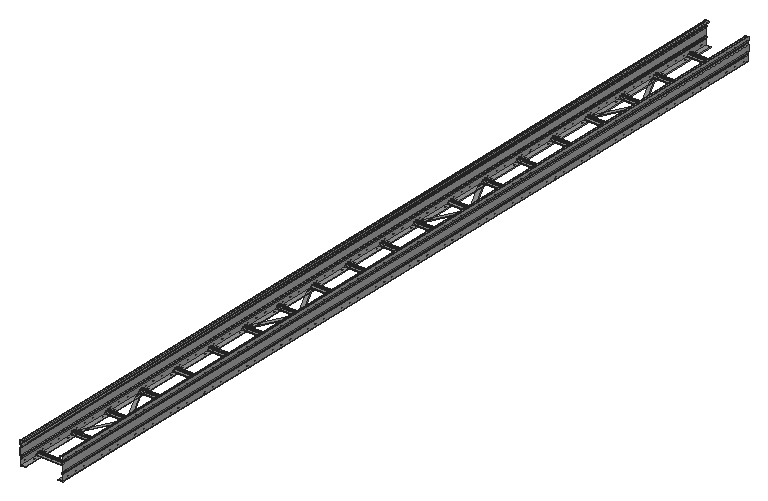
Revit family "W1630 FS, FT, FT SO, A4.28.08", category Generic Models, Revit 2017 (continued)
Forms (mm)
  Extrusion 424, solid, material "Hot-dip galvanised" <- "Material"
    sketch origin (0, 3000, 0) x (0, 1, 0) y (0, 0, 1)
      loop
        line (162.042, 21.5) -> (158.095, 21.5) -> (158.095, 20) -> (161.638, 20)
        arc (161.638, 20) -> (162.267, 19.777) -> (162.616, 19.209) r 1
        line (162.616, 19.209) -> (165.389, 6.209)
        arc (165.389, 6.209) -> (165.188, 5.371) -> (164.411, 5) r 1
        line (164.411, 5) -> (135.589, 5)
        arc (135.589, 5) -> (134.812, 5.371) -> (134.611, 6.209) r 1
        line (134.611, 6.209) -> (137.384, 19.209)
        arc (137.384, 19.209) -> (137.733, 19.777) -> (138.362, 20) r 1
        line (138.362, 20) -> (141.595, 20) -> (141.595, 21.5) -> (137.958, 21.5)
        arc (137.958, 21.5) -> (136.699, 21.055) -> (136.002, 19.917) r 2
        line (136.002, 19.917) -> (133.016, 5.917)
        arc (133.016, 5.917) -> (133.417, 4.242) -> (134.972, 3.5) r 2
    from -146.514 to 146.514
  Extrusion 425, void
    sketch origin (0, 3000, 0) x (1, 0, 0) y (0, 1, 0)
      loop
        circle (-137.5, 149.595) r 2.75
      loop
        circle (-107.5, 149.595) r 3.5
      loop
        circle (137.5, 149.595) r 2.75
      loop
        circle (107.5, 149.595) r 3.5
    from 0 to 5
  Extrusion 426, solid, material "Hot-dip galvanised" <- "Material"
    sketch origin (0, 3300, 0) x (0, 1, 0) y (0, 0, 1)
      loop
        line (134.972, 3.5) -> (165.028, 3.5)
        arc (165.028, 3.5) -> (166.583, 4.242) -> (166.984, 5.917) r 2
        line (166.984, 5.917) -> (163.998, 19.917)
        arc (163.998, 19.917) -> (163.301, 21.055) -> (162.042, 21.5) r 2
        line (162.042, 21.5) -> (158.095, 21.5) -> (158.095, 20) -> (161.638, 20)
        arc (161.638, 20) -> (162.267, 19.777) -> (162.616, 19.209) r 1
        line (162.616, 19.209) -> (165.389, 6.209)
        arc (165.389, 6.209) -> (165.188, 5.371) -> (164.411, 5) r 1
        line (164.411, 5) -> (135.589, 5)
        arc (135.589, 5) -> (134.812, 5.371) -> (134.611, 6.209) r 1
        line (134.611, 6.209) -> (137.384, 19.209)
        arc (137.384, 19.209) -> (137.733, 19.777) -> (138.362, 20) r 1
        line (138.362, 20) -> (141.595, 20) -> (141.595, 21.5) -> (137.958, 21.5)
        arc (137.958, 21.5) -> (136.699, 21.055) -> (136.002, 19.917) r 2
        line (136.002, 19.917) -> (133.016, 5.917)
        arc (133.016, 5.917) -> (133.417, 4.242) -> (134.972, 3.5) r 2
    from -146.514 to 146.514
  Extrusion 427, void
    sketch origin (0, 3300, 0) x (1, 0, 0) y (0, 1, 0)
      loop
        circle (-137.5, 149.595) r 2.75
      loop
        circle (-107.5, 149.595) r 3.5
      loop
        circle (137.5, 149.595) r 2.75
      loop
        circle (107.5, 149.595) r 3.5
    from 0 to 5
  Extrusion 428, solid, material "Hot-dip galvanised" <- "Material"
    sketch origin (0, 3600, 0) x (0, 1, 0) y (0, 0, 1)
      loop
        line (134.972, 3.5) -> (165.028, 3.5)
        arc (165.028, 3.5) -> (166.583, 4.242) -> (166.984, 5.917) r 2
        line (166.984, 5.917) -> (163.998, 19.917)
        arc (163.998, 19.917) -> (163.301, 21.055) -> (162.042, 21.5) r 2
        line (162.042, 21.5) -> (158.095, 21.5) -> (158.095, 20) -> (161.638, 20)
        arc (161.638, 20) -> (162.267, 19.777) -> (162.616, 19.209) r 1
        line (162.616, 19.209) -> (165.389, 6.209)
        arc (165.389, 6.209) -> (165.188, 5.371) -> (164.411, 5) r 1
        line (164.411, 5) -> (135.589, 5)
        arc (135.589, 5) -> (134.812, 5.371) -> (134.611, 6.209) r 1
        line (134.611, 6.209) -> (137.384, 19.209)
        arc (137.384, 19.209) -> (137.733, 19.777) -> (138.362, 20) r 1
        line (138.362, 20) -> (141.595, 20) -> (141.595, 21.5) -> (137.958, 21.5)
        arc (137.958, 21.5) -> (136.699, 21.055) -> (136.002, 19.917) r 2
        line (136.002, 19.917) -> (133.016, 5.917)
        arc (133.016, 5.917) -> (133.417, 4.242) -> (134.972, 3.5) r 2
    from -146.514 to 146.514
  Extrusion 429, void
    sketch origin (0, 3600, 0) x (1, 0, 0) y (0, 1, 0)
      loop
        circle (-137.5, 149.595) r 2.75
      loop
        circle (-107.5, 149.595) r 3.5
      loop
        circle (137.5, 149.595) r 2.75
      loop
        circle (107.5, 149.595) r 3.5
    from 0 to 5
  Extrusion 430, solid, material "Hot-dip galvanised" <- "Material"
    sketch origin (0, 3900, 0) x (0, 1, 0) y (0, 0, 1)
      loop
        line (134.972, 3.5) -> (165.028, 3.5)
        arc (165.028, 3.5) -> (166.583, 4.242) -> (166.984, 5.917) r 2
        line (166.984, 5.917) -> (163.998, 19.917)
        arc (163.998, 19.917) -> (163.301, 21.055) -> (162.042, 21.5) r 2
        line (162.042, 21.5) -> (158.095, 21.5) -> (158.095, 20) -> (161.638, 20)
        arc (161.638, 20) -> (162.267, 19.777) -> (162.616, 19.209) r 1
        line (162.616, 19.209) -> (165.389, 6.209)
        arc (165.389, 6.209) -> (165.188, 5.371) -> (164.411, 5) r 1
        line (164.411, 5) -> (135.589, 5)
        arc (135.589, 5) -> (134.812, 5.371) -> (134.611, 6.209) r 1
        line (134.611, 6.209) -> (137.384, 19.209)
        arc (137.384, 19.209) -> (137.733, 19.777) -> (138.362, 20) r 1
        line (138.362, 20) -> (141.595, 20) -> (141.595, 21.5) -> (137.958, 21.5)
        arc (137.958, 21.5) -> (136.699, 21.055) -> (136.002, 19.917) r 2
        line (136.002, 19.917) -> (133.016, 5.917)
        arc (133.016, 5.917) -> (133.417, 4.242) -> (134.972, 3.5) r 2
    from -146.514 to 146.514
  Extrusion 431, void
    sketch origin (0, 3900, 0) x (1, 0, 0) y (0, 1, 0)
      loop
        circle (-137.5, 149.595) r 2.75
      loop
        circle (-107.5, 149.595) r 3.5
      loop
        circle (137.5, 149.595) r 2.75
      loop
        circle (107.5, 149.595) r 3.5
    from 0 to 5
  Extrusion 432, solid, material "Hot-dip galvanised" <- "Material"
    sketch origin (0, 4200, 0) x (0, 1, 0) y (0, 0, 1)
      loop
        line (134.972, 3.5) -> (165.028, 3.5)
        arc (165.028, 3.5) -> (166.583, 4.242) -> (166.984, 5.917) r 2
        line (166.984, 5.917) -> (163.998, 19.917)
        arc (163.998, 19.917) -> (163.301, 21.055) -> (162.042, 21.5) r 2
        line (162.042, 21.5) -> (158.095, 21.5) -> (158.095, 20) -> (161.638, 20)
        arc (161.638, 20) -> (162.267, 19.777) -> (162.616, 19.209) r 1
        line (162.616, 19.209) -> (165.389, 6.209)
        arc (165.389, 6.209) -> (165.188, 5.371) -> (164.411, 5) r 1
        line (164.411, 5) -> (135.589, 5)
        arc (135.589, 5) -> (134.812, 5.371) -> (134.611, 6.209) r 1
        line (134.611, 6.209) -> (137.384, 19.209)
        arc (137.384, 19.209) -> (137.733, 19.777) -> (138.362, 20) r 1
        line (138.362, 20) -> (141.595, 20) -> (141.595, 21.5) -> (137.958, 21.5)
        arc (137.958, 21.5) -> (136.699, 21.055) -> (136.002, 19.917) r 2
        line (136.002, 19.917) -> (133.016, 5.917)
        arc (133.016, 5.917) -> (133.417, 4.242) -> (134.972, 3.5) r 2
    from -146.514 to 146.514
  Extrusion 433, void
    sketch origin (0, 4200, 0) x (1, 0, 0) y (0, 1, 0)
      loop
        circle (-137.5, 149.595) r 2.75
      loop
        circle (-107.5, 149.595) r 3.5
      loop
        circle (137.5, 149.595) r 2.75
      loop
        circle (107.5, 149.595) r 3.5
    from 0 to 5
  Extrusion 434, solid, material "Hot-dip galvanised" <- "Material"
    sketch origin (0, 4500, 0) x (0, 1, 0) y (0, 0, 1)
      loop
        line (134.972, 3.5) -> (165.028, 3.5)
        arc (165.028, 3.5) -> (166.583, 4.242) -> (166.984, 5.917) r 2
        line (166.984, 5.917) -> (163.998, 19.917)
        arc (163.998, 19.917) -> (163.301, 21.055) -> (162.042, 21.5) r 2
        line (162.042, 21.5) -> (158.095, 21.5) -> (158.095, 20) -> (161.638, 20)
        arc (161.638, 20) -> (162.267, 19.777) -> (162.616, 19.209) r 1
        line (162.616, 19.209) -> (165.389, 6.209)
        arc (165.389, 6.209) -> (165.188, 5.371) -> (164.411, 5) r 1
        line (164.411, 5) -> (135.589, 5)
        arc (135.589, 5) -> (134.812, 5.371) -> (134.611, 6.209) r 1
        line (134.611, 6.209) -> (137.384, 19.209)
        arc (137.384, 19.209) -> (137.733, 19.777) -> (138.362, 20) r 1
        line (138.362, 20) -> (141.595, 20) -> (141.595, 21.5) -> (137.958, 21.5)
        arc (137.958, 21.5) -> (136.699, 21.055) -> (136.002, 19.917) r 2
        line (136.002, 19.917) -> (133.016, 5.917)
        arc (133.016, 5.917) -> (133.417, 4.242) -> (134.972, 3.5) r 2
    from -146.514 to 146.514
  Extrusion 435, void
    sketch origin (0, 4500, 0) x (1, 0, 0) y (0, 1, 0)
      loop
        circle (-137.5, 149.595) r 2.75
      loop
        circle (-107.5, 149.595) r 3.5
      loop
        circle (137.5, 149.595) r 2.75
      loop
        circle (107.5, 149.595) r 3.5
    from 0 to 5
  Extrusion 436, solid, material "Hot-dip galvanised" <- "Material"
    sketch origin (0, 4800, 0) x (0, 1, 0) y (0, 0, 1)
      loop
        line (134.972, 3.5) -> (165.028, 3.5)
        arc (165.028, 3.5) -> (166.583, 4.242) -> (166.984, 5.917) r 2
        line (166.984, 5.917) -> (163.998, 19.917)
        arc (163.998, 19.917) -> (163.301, 21.055) -> (162.042, 21.5) r 2
        line (162.042, 21.5) -> (158.095, 21.5) -> (158.095, 20) -> (161.638, 20)
        arc (161.638, 20) -> (162.267, 19.777) -> (162.616, 19.209) r 1
        line (162.616, 19.209) -> (165.389, 6.209)
        arc (165.389, 6.209) -> (165.188, 5.371) -> (164.411, 5) r 1
        line (164.411, 5) -> (135.589, 5)
        arc (135.589, 5) -> (134.812, 5.371) -> (134.611, 6.209) r 1
        line (134.611, 6.209) -> (137.384, 19.209)
        arc (137.384, 19.209) -> (137.733, 19.777) -> (138.362, 20) r 1
        line (138.362, 20) -> (141.595, 20) -> (141.595, 21.5) -> (137.958, 21.5)
        arc (137.958, 21.5) -> (136.699, 21.055) -> (136.002, 19.917) r 2
        line (136.002, 19.917) -> (133.016, 5.917)
        arc (133.016, 5.917) -> (133.417, 4.242) -> (134.972, 3.5) r 2
    from -146.514 to 146.514
  Extrusion 437, void
    sketch origin (0, 4800, 0) x (1, 0, 0) y (0, 1, 0)
      loop
        circle (-137.5, 149.595) r 2.75
      loop
        circle (-107.5, 149.595) r 3.5
      loop
        circle (137.5, 149.595) r 2.75
      loop
        circle (107.5, 149.595) r 3.5
    from 0 to 5
  Extrusion 438, solid, material "Hot-dip galvanised" <- "Material"
    sketch origin (0, 5100, 0) x (0, 1, 0) y (0, 0, 1)
      loop
        line (134.972, 3.5) -> (165.028, 3.5)
        arc (165.028, 3.5) -> (166.583, 4.242) -> (166.984, 5.917) r 2
        line (166.984, 5.917) -> (163.998, 19.917)
        arc (163.998, 19.917) -> (163.301, 21.055) -> (162.042, 21.5) r 2
        line (162.042, 21.5) -> (158.095, 21.5) -> (158.095, 20) -> (161.638, 20)
        arc (161.638, 20) -> (162.267, 19.777) -> (162.616, 19.209) r 1
        line (162.616, 19.209) -> (165.389, 6.209)
        arc (165.389, 6.209) -> (165.188, 5.371) -> (164.411, 5) r 1
        line (164.411, 5) -> (135.589, 5)
        arc (135.589, 5) -> (134.812, 5.371) -> (134.611, 6.209) r 1
        line (134.611, 6.209) -> (137.384, 19.209)
        arc (137.384, 19.209) -> (137.733, 19.777) -> (138.362, 20) r 1
        line (138.362, 20) -> (141.595, 20) -> (141.595, 21.5) -> (137.958, 21.5)
        arc (137.958, 21.5) -> (136.699, 21.055) -> (136.002, 19.917) r 2
        line (136.002, 19.917) -> (133.016, 5.917)
        arc (133.016, 5.917) -> (133.417, 4.242) -> (134.972, 3.5) r 2
    from -146.514 to 146.514
  Extrusion 439, void
    sketch origin (0, 5100, 0) x (1, 0, 0) y (0, 1, 0)
      loop
        circle (-137.5, 149.595) r 2.75
      loop
        circle (-107.5, 149.595) r 3.5
      loop
        circle (137.5, 149.595) r 2.75
      loop
        circle (107.5, 149.595) r 3.5
    from 0 to 5
  Extrusion 440, solid, material "Hot-dip galvanised" <- "Material"
    sketch origin (0, 5400, 0) x (0, 1, 0) y (0, 0, 1)
      loop
        line (134.972, 3.5) -> (165.028, 3.5)
        arc (165.028, 3.5) -> (166.583, 4.242) -> (166.984, 5.917) r 2
        line (166.984, 5.917) -> (163.998, 19.917)
        arc (163.998, 19.917) -> (163.301, 21.055) -> (162.042, 21.5) r 2
        line (162.042, 21.5) -> (158.095, 21.5) -> (158.095, 20) -> (161.638, 20)
        arc (161.638, 20) -> (162.267, 19.777) -> (162.616, 19.209) r 1
        line (162.616, 19.209) -> (165.389, 6.209)
        arc (165.389, 6.209) -> (165.188, 5.371) -> (164.411, 5) r 1
        line (164.411, 5) -> (135.589, 5)
        arc (135.589, 5) -> (134.812, 5.371) -> (134.611, 6.209) r 1
        line (134.611, 6.209) -> (137.384, 19.209)
        arc (137.384, 19.209) -> (137.733, 19.777) -> (138.362, 20) r 1
        line (138.362, 20) -> (141.595, 20) -> (141.595, 21.5) -> (137.958, 21.5)
        arc (137.958, 21.5) -> (136.699, 21.055) -> (136.002, 19.917) r 2
        line (136.002, 19.917) -> (133.016, 5.917)
        arc (133.016, 5.917) -> (133.417, 4.242) -> (134.972, 3.5) r 2
    from -146.514 to 146.514
  Extrusion 441, void
    sketch origin (0, 5400, 0) x (1, 0, 0) y (0, 1, 0)
      loop
        circle (-137.5, 149.595) r 2.75
      loop
        circle (-107.5, 149.595) r 3.5
      loop
        circle (137.5, 149.595) r 2.75
      loop
        circle (107.5, 149.595) r 3.5
    from 0 to 5
  Extrusion 442, solid, material "Hot-dip galvanised" <- "Material"
    sketch origin (0, 5700, 0) x (0, 1, 0) y (0, 0, 1)
      loop
        line (134.972, 3.5) -> (165.028, 3.5)
        arc (165.028, 3.5) -> (166.583, 4.242) -> (166.984, 5.917) r 2
        line (166.984, 5.917) -> (163.998, 19.917)
        arc (163.998, 19.917) -> (163.301, 21.055) -> (162.042, 21.5) r 2
        line (162.042, 21.5) -> (158.095, 21.5) -> (158.095, 20) -> (161.638, 20)
        arc (161.638, 20) -> (162.267, 19.777) -> (162.616, 19.209) r 1
        line (162.616, 19.209) -> (165.389, 6.209)
        arc (165.389, 6.209) -> (165.188, 5.371) -> (164.411, 5) r 1
        line (164.411, 5) -> (135.589, 5)
        arc (135.589, 5) -> (134.812, 5.371) -> (134.611, 6.209) r 1
        line (134.611, 6.209) -> (137.384, 19.209)
        arc (137.384, 19.209) -> (137.733, 19.777) -> (138.362, 20) r 1
        line (138.362, 20) -> (141.595, 20) -> (141.595, 21.5) -> (137.958, 21.5)
        arc (137.958, 21.5) -> (136.699, 21.055) -> (136.002, 19.917) r 2
        line (136.002, 19.917) -> (133.016, 5.917)
        arc (133.016, 5.917) -> (133.417, 4.242) -> (134.972, 3.5) r 2
    from -146.514 to 146.514
  Extrusion 443, void
    sketch origin (0, 5700, 0) x (1, 0, 0) y (0, 1, 0)
      loop
        circle (-137.5, 149.595) r 2.75
      loop
        circle (-107.5, 149.595) r 3.5
      loop
        circle (137.5, 149.595) r 2.75
      loop
        circle (107.5, 149.595) r 3.5
    from 0 to 5
  Extrusion 444, solid, material "Hot-dip galvanised 85 µm"
    sketch origin (0, 0, 0) x (1, 0, 0) y (0, 1, 0)
      loop
        line (127.868, 490.675) -> (146.394, 509.201) -> (-119.844, 1018.681) -> (-142.001, 1007.102) -> (127.868, 490.675)
    from 1.5 to 3.5
  Extrusion 445, solid, material "Hot-dip galvanised 85 µm"
    sketch origin (0, 0, 0) x (1, 0, 0) y (0, 1, 0)
      loop
        line (-121.169, 488.366) -> (137.923, 1000.24) -> (115.618, 1011.53) -> (-141.857, 502.852) -> (-121.169, 488.366)
    from 1.5 to 3.5
  Extrusion 446, solid, material "Hot-dip galvanised 85 µm"
    sketch origin (0, 1500, 0) x (1, 0, 0) y (0, 1, 0)
      loop
        line (127.868, 490.675) -> (146.394, 509.201) -> (-119.844, 1018.681) -> (-142.001, 1007.102) -> (127.868, 490.675)
    from 1.5 to 3.5
  Extrusion 447, solid, material "Hot-dip galvanised 85 µm"
    sketch origin (0, 3000, 0) x (1, 0, 0) y (0, 1, 0)
      loop
        line (127.868, 490.675) -> (146.394, 509.201) -> (-119.844, 1018.681) -> (-142.001, 1007.102) -> (127.868, 490.675)
    from 1.5 to 3.5
  Extrusion 448, solid, material "Hot-dip galvanised 85 µm"
    sketch origin (0, 4500, 0) x (1, 0, 0) y (0, 1, 0)
      loop
        line (127.868, 490.675) -> (146.394, 509.201) -> (-119.844, 1018.681) -> (-142.001, 1007.102) -> (127.868, 490.675)
    from 1.5 to 3.5
  Extrusion 449, solid, material "Hot-dip galvanised 85 µm"
    sketch origin (0, 1500, 0) x (1, 0, 0) y (0, 1, 0)
      loop
        line (-121.169, 488.366) -> (137.923, 1000.24) -> (115.618, 1011.53) -> (-141.857, 502.852) -> (-121.169, 488.366)
    from 1.5 to 3.5
  Extrusion 450, solid, material "Hot-dip galvanised 85 µm"
    sketch origin (0, 3000, 0) x (1, 0, 0) y (0, 1, 0)
      loop
        line (-121.169, 488.366) -> (137.923, 1000.24) -> (115.618, 1011.53) -> (-141.857, 502.852) -> (-121.169, 488.366)
    from 1.5 to 3.5
  Extrusion 451, solid, material "Hot-dip galvanised 85 µm"
    sketch origin (0, 4500, 0) x (1, 0, 0) y (0, 1, 0)
      loop
        line (-121.169, 488.366) -> (137.923, 1000.24) -> (115.618, 1011.53) -> (-141.857, 502.852) -> (-121.169, 488.366)
    from 1.5 to 3.5
Cuts and joins
  Extrusion 3, Extrusion 4, Extrusion 5, Extrusion 6, Extrusion 7, Extrusion 8, Extrusion 9, Extrusion 10, Extrusion 11, Extrusion 12, Extrusion 13, Extrusion 14, Extrusion 15, Extrusion 16, Extrusion 17, Extrusion 18, Extrusion 19, Extrusion 20, Extrusion 21, Extrusion 22, Extrusion 23, Extrusion 24, Extrusion 25, Extrusion 26, Extrusion 27, Extrusion 28, Extrusion 29, Extrusion 30, Extrusion 31, Extrusion 32, Extrusion 33, Extrusion 34, Extrusion 35, Extrusion 36, Extrusion 37, Extrusion 38, Extrusion 39, Extrusion 40, Extrusion 41, Extrusion 42, Extrusion 43, Extrusion 44, Extrusion 45, Extrusion 46, Extrusion 47, Extrusion 48, Extrusion 49, Extrusion 50, Extrusion 51, Extrusion 52, Extrusion 53, Extrusion 54, Extrusion 55, Extrusion 56, Extrusion 57, Extrusion 58, Extrusion 59, Extrusion 60, Extrusion 61, Extrusion 62, Extrusion 63, Extrusion 64, Extrusion 65, Extrusion 66, Extrusion 67, Extrusion 68, Extrusion 69, Extrusion 70, Extrusion 71, Extrusion 72, Extrusion 73, Extrusion 74, Extrusion 75, Extrusion 76, Extrusion 77, Extrusion 78, Extrusion 79, Extrusion 80, Extrusion 81, Extrusion 82, Extrusion 83, Extrusion 84, Extrusion 85, Extrusion 86, Extrusion 87, Extrusion 88, Extrusion 89, Extrusion 90, Extrusion 91, Extrusion 92, Extrusion 93, Extrusion 94, Extrusion 95, Extrusion 96, Extrusion 97, Extrusion 98, Extrusion 99, Extrusion 100, Extrusion 101, Extrusion 102, Extrusion 103, Extrusion 104, Extrusion 105, Extrusion 106, Extrusion 107, Extrusion 108, Extrusion 109, Extrusion 110, Extrusion 111, Extrusion 112, Extrusion 113, Extrusion 114, Extrusion 115, Extrusion 116, Extrusion 117, Extrusion 118, Extrusion 119, Extrusion 120, Extrusion 121, Extrusion 122, Extrusion 123, Extrusion 124, Extrusion 125, Extrusion 126, Extrusion 127, Extrusion 128, Extrusion 129, Extrusion 130, Extrusion 131, Extrusion 132, Extrusion 133, Extrusion 134, Extrusion 135, Extrusion 136, Extrusion 137, Extrusion 138, Extrusion 139, Extrusion 140, Extrusion 141, Extrusion 142, Extrusion 143, Extrusion 144, Extrusion 145, Extrusion 146, Extrusion 147, Extrusion 148, Extrusion 149, Extrusion 150, Extrusion 151, Extrusion 152, Extrusion 153, Extrusion 154, Extrusion 155, Extrusion 156, Extrusion 157, Extrusion 158, Extrusion 159, Extrusion 160, Extrusion 161, Extrusion 162, Extrusion 163, Extrusion 243, Extrusion 364, Extrusion 365, Extrusion 366, Extrusion 367, Extrusion 368, Extrusion 369, Extrusion 370, Extrusion 371, Extrusion 372, Extrusion 373, Extrusion 374, Extrusion 375, Extrusion 376, Extrusion 377, Extrusion 378, Extrusion 379, Extrusion 380, Extrusion 381, Extrusion 382, Extrusion 383, Extrusion 384, Extrusion 385, Extrusion 386, Extrusion 387, Extrusion 388, Extrusion 389, Extrusion 390, Extrusion 391, Extrusion 392, Extrusion 393, Extrusion 394, Extrusion 395, Extrusion 396, Extrusion 397, Extrusion 398, Extrusion 399, Extrusion 400, Extrusion 401, Extrusion 402, Extrusion 403, Extrusion 404, Extrusion 407, Extrusion 409, Extrusion 411, Extrusion 413, Extrusion 415, Extrusion 417, Extrusion 419, Extrusion 421, Extrusion 423, Extrusion 425, Extrusion 427, Extrusion 429, Extrusion 431, Extrusion 433, Extrusion 435, Extrusion 437, Extrusion 439, Extrusion 441, Extrusion 443 cuts Extrusion 1
  Extrusion 163, Extrusion 164, Extrusion 165, Extrusion 166, Extrusion 167, Extrusion 168, Extrusion 169, Extrusion 170, Extrusion 171, Extrusion 172, Extrusion 173, Extrusion 174, Extrusion 175, Extrusion 176, Extrusion 177, Extrusion 178, Extrusion 179, Extrusion 180, Extrusion 181, Extrusion 182, Extrusion 183, Extrusion 184, Extrusion 185, Extrusion 186, Extrusion 187, Extrusion 188, Extrusion 189, Extrusion 190, Extrusion 191, Extrusion 192, Extrusion 193, Extrusion 194, Extrusion 195, Extrusion 196, Extrusion 197, Extrusion 198, Extrusion 199, Extrusion 200, Extrusion 201, Extrusion 202, Extrusion 203, Extrusion 204, Extrusion 205, Extrusion 206, Extrusion 207, Extrusion 208, Extrusion 209, Extrusion 210, Extrusion 211, Extrusion 212, Extrusion 213, Extrusion 214, Extrusion 215, Extrusion 216, Extrusion 217, Extrusion 218, Extrusion 219, Extrusion 220, Extrusion 221, Extrusion 222, Extrusion 223, Extrusion 224, Extrusion 225, Extrusion 226, Extrusion 227, Extrusion 228, Extrusion 229, Extrusion 230, Extrusion 231, Extrusion 232, Extrusion 233, Extrusion 234, Extrusion 235, Extrusion 236, Extrusion 237, Extrusion 238, Extrusion 239, Extrusion 240, Extrusion 241, Extrusion 242, Extrusion 243, Extrusion 244, Extrusion 245, Extrusion 246, Extrusion 247, Extrusion 248, Extrusion 249, Extrusion 250, Extrusion 251, Extrusion 252, Extrusion 253, Extrusion 254, Extrusion 255, Extrusion 256, Extrusion 257, Extrusion 258, Extrusion 259, Extrusion 260, Extrusion 261, Extrusion 262, Extrusion 263, Extrusion 264, Extrusion 265, Extrusion 266, Extrusion 267, Extrusion 268, Extrusion 269, Extrusion 270, Extrusion 271, Extrusion 272, Extrusion 273, Extrusion 274, Extrusion 275, Extrusion 276, Extrusion 277, Extrusion 278, Extrusion 279, Extrusion 280, Extrusion 281, Extrusion 282, Extrusion 283, Extrusion 284, Extrusion 285, Extrusion 286, Extrusion 287, Extrusion 288, Extrusion 289, Extrusion 290, Extrusion 291, Extrusion 292, Extrusion 293, Extrusion 294, Extrusion 295, Extrusion 296, Extrusion 297, Extrusion 298, Extrusion 299, Extrusion 300, Extrusion 301, Extrusion 302, Extrusion 303, Extrusion 304, Extrusion 305, Extrusion 306, Extrusion 307, Extrusion 308, Extrusion 309, Extrusion 310, Extrusion 311, Extrusion 312, Extrusion 313, Extrusion 314, Extrusion 315, Extrusion 316, Extrusion 317, Extrusion 318, Extrusion 319, Extrusion 320, Extrusion 321, Extrusion 322, Extrusion 324, Extrusion 325, Extrusion 326, Extrusion 327, Extrusion 328, Extrusion 329, Extrusion 330, Extrusion 331, Extrusion 332, Extrusion 333, Extrusion 334, Extrusion 335, Extrusion 336, Extrusion 337, Extrusion 338, Extrusion 339, Extrusion 340, Extrusion 341, Extrusion 342, Extrusion 343, Extrusion 344, Extrusion 345, Extrusion 346, Extrusion 347, Extrusion 348, Extrusion 349, Extrusion 350, Extrusion 351, Extrusion 352, Extrusion 353, Extrusion 354, Extrusion 355, Extrusion 356, Extrusion 357, Extrusion 358, Extrusion 359, Extrusion 360, Extrusion 361, Extrusion 362, Extrusion 363, Extrusion 404, Extrusion 407, Extrusion 409, Extrusion 411, Extrusion 413, Extrusion 415, Extrusion 417, Extrusion 419, Extrusion 421, Extrusion 423, Extrusion 425, Extrusion 427, Extrusion 429, Extrusion 431, Extrusion 433, Extrusion 435, Extrusion 437, Extrusion 439, Extrusion 441, Extrusion 443 cuts Extrusion 2
  Extrusion 404, Extrusion 407 cuts Extrusion 323
  Extrusion 407 cuts Extrusion 406
  Extrusion 409 cuts Extrusion 408
  Extrusion 411 cuts Extrusion 410
  Extrusion 413 cuts Extrusion 412
  Extrusion 415 cuts Extrusion 414
  Extrusion 417 cuts Extrusion 416
  Extrusion 419 cuts Extrusion 418
  Extrusion 421 cuts Extrusion 420
  Extrusion 423 cuts Extrusion 422
  Extrusion 425 cuts Extrusion 424
  Extrusion 427 cuts Extrusion 426
  Extrusion 429 cuts Extrusion 428
  Extrusion 431 cuts Extrusion 430
  Extrusion 433 cuts Extrusion 432
  Extrusion 435 cuts Extrusion 434
  Extrusion 437 cuts Extrusion 436
  Extrusion 439 cuts Extrusion 438
  Extrusion 441 cuts Extrusion 440
  Extrusion 443 cuts Extrusion 442
Dimensions and locks
  locked: Extrusion 1 sketch curve to plane 4 at 38
  locked: plane 4 to plane 5 at 70
  locked: Extrusion 1 sketch curve to Extrusion 1 sketch curve at 10
  locked: Extrusion 1 sketch curve to Extrusion 1 sketch curve at 20
  plane 5 to level = 52 mm
  locked: Extrusion 1 sketch curve to Extrusion 1 sketch curve at 2  (x2)
  locked: Extrusion 2 sketch curve to plane 7 at 38
  locked: plane 7 to plane 8 at 70
  locked: Extrusion 2 sketch curve to Extrusion 2 sketch curve at 10
  locked: Extrusion 2 sketch curve to Extrusion 2 sketch curve at 20
  locked: Extrusion 2 sketch curve to Extrusion 2 sketch curve at 2  (x2)
  locked: Extrusion 2 to Extrusion 2 at 2  (x3)
  locked: Extrusion 1 to Extrusion 2 at 300
  "Width/2": Extrusion 1 to plane 3 "Center (Left/Right)"
  locked: Extrusion 1 to Extrusion 1 at 2  (x4)
  "Length": Extrusion 2 to Extrusion 2
  "Length": Extrusion 1 to Extrusion 1
  locked: Extrusion 1 to plane 10 at 20
  locked: Extrusion 3 sketch curve to Extrusion 3 sketch curve at 25
  locked: Extrusion 3 sketch curve to Extrusion 3 sketch curve at 9
  locked: plane 12 to plane 10 at 120
  locked: cut or joined group of Extrusion 1, Extrusion 3, Extrusion 4, Extrusion 5, Extrusion 6, Extrusion 7, Extrusion 8, Extrusion 9, Extrusion 10, Extrusion 11, Extrusion 12, Extrusion 13, Extrusion 14, Extrusion 15, Extrusion 16, Extrusion 17, Extrusion 18, Extrusion 19, Extrusion 20, Extrusion 21, Extrusion 22, Extrusion 23, Extrusion 24, Extrusion 25, Extrusion 26, Extrusion 27, Extrusion 28, Extrusion 29, Extrusion 30, Extrusion 31, Extrusion 32, Extrusion 33, Extrusion 34, Extrusion 35, Extrusion 36, Extrusion 37, Extrusion 38, Extrusion 39, Extrusion 40, Extrusion 41, Extrusion 42, Extrusion 43, Extrusion 44, Extrusion 45, Extrusion 46, Extrusion 47, Extrusion 48, Extrusion 49, Extrusion 50, Extrusion 51, Extrusion 52, Extrusion 53, Extrusion 54, Extrusion 55, Extrusion 56, Extrusion 57, Extrusion 58, Extrusion 59, Extrusion 60, Extrusion 61, Extrusion 62, Extrusion 63, Extrusion 64, Extrusion 65, Extrusion 66, Extrusion 67, Extrusion 68, Extrusion 69, Extrusion 70, Extrusion 71, Extrusion 72, Extrusion 73, Extrusion 74, Extrusion 75, Extrusion 76, Extrusion 77, Extrusion 78, Extrusion 79, Extrusion 80, Extrusion 81, Extrusion 82, Extrusion 83, Extrusion 84, Extrusion 85, Extrusion 86, Extrusion 87, Extrusion 88, Extrusion 89, Extrusion 90, Extrusion 91, Extrusion 92, Extrusion 93, Extrusion 94, Extrusion 95, Extrusion 96, Extrusion 97, Extrusion 98, Extrusion 99, Extrusion 100, Extrusion 101, Extrusion 102, Extrusion 103, Extrusion 104, Extrusion 105, Extrusion 106, Extrusion 107, Extrusion 108, Extrusion 109, Extrusion 110, Extrusion 111, Extrusion 112, Extrusion 113, Extrusion 114, Extrusion 115, Extrusion 116, Extrusion 117, Extrusion 118, Extrusion 119, Extrusion 120, Extrusion 121, Extrusion 122, Extrusion 123, Extrusion 124, Extrusion 125, Extrusion 126, Extrusion 127, Extrusion 128, Extrusion 129, Extrusion 130, Extrusion 131, Extrusion 132, Extrusion 133, Extrusion 134, Extrusion 135, Extrusion 136, Extrusion 137, Extrusion 138, Extrusion 139, Extrusion 140, Extrusion 141, Extrusion 142, Extrusion 143, Extrusion 144, Extrusion 145, Extrusion 146, Extrusion 147, Extrusion 148, Extrusion 149, Extrusion 150, Extrusion 151, Extrusion 152, Extrusion 153, Extrusion 154, Extrusion 155, Extrusion 156, Extrusion 157, Extrusion 158, Extrusion 159, Extrusion 160, Extrusion 161, Extrusion 162, Extrusion 163, Extrusion 243, Extrusion 364, Extrusion 365, Extrusion 366, Extrusion 367, Extrusion 368, Extrusion 369, Extrusion 370, Extrusion 371, Extrusion 372, Extrusion 373, Extrusion 374, Extrusion 375, Extrusion 376, Extrusion 377, Extrusion 378, Extrusion 379, Extrusion 380, Extrusion 381, Extrusion 382, Extrusion 383, Extrusion 384, Extrusion 385, Extrusion 386, Extrusion 387, Extrusion 388, Extrusion 389, Extrusion 390, Extrusion 391, Extrusion 392, Extrusion 393, Extrusion 394, Extrusion 395, Extrusion 396, Extrusion 397, Extrusion 398, Extrusion 399, Extrusion 400, Extrusion 401, Extrusion 402, Extrusion 403, Extrusion 404, Extrusion 407, Extrusion 409, Extrusion 411, Extrusion 413, Extrusion 415, Extrusion 417, Extrusion 419, Extrusion 421, Extrusion 423, Extrusion 425, Extrusion 427, Extrusion 429, Extrusion 431, Extrusion 433, Extrusion 435, Extrusion 437, Extrusion 439, Extrusion 441, Extrusion 443 to plane 13 at 37.5
  locked: Extrusion 4 sketch curve to Extrusion 4 sketch curve at 9
  locked: Extrusion 4 sketch curve to Extrusion 4 sketch curve at 25
  Extrusion 4 sketch curve to plane 14 = 24.457 mm
  locked: Extrusion 5 sketch curve to Extrusion 5 sketch curve at 25
  locked: Extrusion 5 sketch curve to Extrusion 5 sketch curve at 9
  locked: Extrusion 6 sketch curve to Extrusion 6 sketch curve at 9
  locked: Extrusion 6 sketch curve to Extrusion 6 sketch curve at 25
  Extrusion 6 sketch curve to plane 16 = 24.457 mm
  locked: Extrusion 7 sketch curve to Extrusion 7 sketch curve at 25
  locked: Extrusion 7 sketch curve to Extrusion 7 sketch curve at 9
  locked: Extrusion 8 sketch curve to Extrusion 8 sketch curve at 9
  locked: Extrusion 8 sketch curve to Extrusion 8 sketch curve at 25
  Extrusion 8 sketch curve to plane 18 = 24.457 mm
  locked: Extrusion 9 sketch curve to Extrusion 9 sketch curve at 25
  locked: Extrusion 9 sketch curve to Extrusion 9 sketch curve at 9
  locked: Extrusion 10 sketch curve to Extrusion 10 sketch curve at 9
  locked: Extrusion 10 sketch curve to Extrusion 10 sketch curve at 25
  Extrusion 10 sketch curve to plane 20 = 24.457 mm
  locked: Extrusion 11 sketch curve to Extrusion 11 sketch curve at 25
  locked: Extrusion 11 sketch curve to Extrusion 11 sketch curve at 9
  locked: Extrusion 12 sketch curve to Extrusion 12 sketch curve at 9
  locked: Extrusion 12 sketch curve to Extrusion 12 sketch curve at 25
  Extrusion 12 sketch curve to plane 22 = 24.457 mm
  locked: Extrusion 13 sketch curve to Extrusion 13 sketch curve at 25
  locked: Extrusion 13 sketch curve to Extrusion 13 sketch curve at 9
  locked: Extrusion 14 sketch curve to Extrusion 14 sketch curve at 9
  locked: Extrusion 14 sketch curve to Extrusion 14 sketch curve at 25
  Extrusion 14 sketch curve to plane 24 = 24.457 mm
  locked: Extrusion 15 sketch curve to Extrusion 15 sketch curve at 25
  locked: Extrusion 15 sketch curve to Extrusion 15 sketch curve at 9
  locked: Extrusion 16 sketch curve to Extrusion 16 sketch curve at 9
  locked: Extrusion 16 sketch curve to Extrusion 16 sketch curve at 25
  Extrusion 16 sketch curve to plane 26 = 24.457 mm
  locked: Extrusion 17 sketch curve to Extrusion 17 sketch curve at 25
  locked: Extrusion 17 sketch curve to Extrusion 17 sketch curve at 9
  locked: Extrusion 18 sketch curve to Extrusion 18 sketch curve at 9
  locked: Extrusion 18 sketch curve to Extrusion 18 sketch curve at 25
  Extrusion 18 sketch curve to plane 28 = 24.457 mm
  locked: Extrusion 19 sketch curve to Extrusion 19 sketch curve at 25
  locked: Extrusion 19 sketch curve to Extrusion 19 sketch curve at 9
  locked: Extrusion 20 sketch curve to Extrusion 20 sketch curve at 9
  locked: Extrusion 20 sketch curve to Extrusion 20 sketch curve at 25
  Extrusion 20 sketch curve to plane 30 = 24.457 mm
  locked: Extrusion 21 sketch curve to Extrusion 21 sketch curve at 25
  locked: Extrusion 21 sketch curve to Extrusion 21 sketch curve at 9
  locked: Extrusion 22 sketch curve to Extrusion 22 sketch curve at 9
  locked: Extrusion 22 sketch curve to Extrusion 22 sketch curve at 25
  Extrusion 22 sketch curve to plane 32 = 24.457 mm
  locked: Extrusion 23 sketch curve to Extrusion 23 sketch curve at 25
  locked: Extrusion 23 sketch curve to Extrusion 23 sketch curve at 9
  locked: Extrusion 24 sketch curve to Extrusion 24 sketch curve at 9
  locked: Extrusion 24 sketch curve to Extrusion 24 sketch curve at 25
  Extrusion 24 sketch curve to plane 34 = 24.457 mm
  locked: Extrusion 25 sketch curve to Extrusion 25 sketch curve at 25
  locked: Extrusion 25 sketch curve to Extrusion 25 sketch curve at 9
  locked: Extrusion 26 sketch curve to Extrusion 26 sketch curve at 9
  locked: Extrusion 26 sketch curve to Extrusion 26 sketch curve at 25
  Extrusion 26 sketch curve to plane 36 = 24.457 mm
  locked: Extrusion 27 sketch curve to Extrusion 27 sketch curve at 25
  locked: Extrusion 27 sketch curve to Extrusion 27 sketch curve at 9
  locked: Extrusion 28 sketch curve to Extrusion 28 sketch curve at 9
  locked: Extrusion 28 sketch curve to Extrusion 28 sketch curve at 25
  Extrusion 28 sketch curve to plane 38 = 24.457 mm
  locked: Extrusion 29 sketch curve to Extrusion 29 sketch curve at 25
  locked: Extrusion 29 sketch curve to Extrusion 29 sketch curve at 9
  locked: Extrusion 30 sketch curve to Extrusion 30 sketch curve at 9
  locked: Extrusion 30 sketch curve to Extrusion 30 sketch curve at 25
  Extrusion 30 sketch curve to plane 40 = 24.457 mm
  locked: Extrusion 31 sketch curve to Extrusion 31 sketch curve at 25
  locked: Extrusion 31 sketch curve to Extrusion 31 sketch curve at 9
  locked: Extrusion 32 sketch curve to Extrusion 32 sketch curve at 9
  locked: Extrusion 32 sketch curve to Extrusion 32 sketch curve at 25
  Extrusion 32 sketch curve to plane 42 = 24.457 mm
  locked: Extrusion 33 sketch curve to Extrusion 33 sketch curve at 25
  locked: Extrusion 33 sketch curve to Extrusion 33 sketch curve at 9
  locked: Extrusion 34 sketch curve to Extrusion 34 sketch curve at 9
  locked: Extrusion 34 sketch curve to Extrusion 34 sketch curve at 25
  Extrusion 34 sketch curve to plane 44 = 24.457 mm
  locked: Extrusion 35 sketch curve to Extrusion 35 sketch curve at 25
  locked: Extrusion 35 sketch curve to Extrusion 35 sketch curve at 9
  locked: Extrusion 36 sketch curve to Extrusion 36 sketch curve at 9
  locked: Extrusion 36 sketch curve to Extrusion 36 sketch curve at 25
  Extrusion 36 sketch curve to plane 46 = 24.457 mm
  locked: Extrusion 37 sketch curve to Extrusion 37 sketch curve at 25
  locked: Extrusion 37 sketch curve to Extrusion 37 sketch curve at 9
  locked: Extrusion 38 sketch curve to Extrusion 38 sketch curve at 9
  locked: Extrusion 38 sketch curve to Extrusion 38 sketch curve at 25
  Extrusion 38 sketch curve to plane 48 = 24.457 mm
  locked: Extrusion 39 sketch curve to Extrusion 39 sketch curve at 25
  locked: Extrusion 39 sketch curve to Extrusion 39 sketch curve at 9
  locked: Extrusion 40 sketch curve to Extrusion 40 sketch curve at 9
  locked: Extrusion 40 sketch curve to Extrusion 40 sketch curve at 25
  Extrusion 40 sketch curve to plane 50 = 24.457 mm
  locked: Extrusion 41 sketch curve to Extrusion 41 sketch curve at 25
  locked: Extrusion 41 sketch curve to Extrusion 41 sketch curve at 9
  locked: Extrusion 42 sketch curve to Extrusion 42 sketch curve at 9
  locked: Extrusion 42 sketch curve to Extrusion 42 sketch curve at 25
  Extrusion 42 sketch curve to plane 52 = 24.457 mm
  locked: Extrusion 43 sketch curve to Extrusion 43 sketch curve at 25
  locked: Extrusion 43 sketch curve to Extrusion 43 sketch curve at 9
  locked: Extrusion 44 sketch curve to Extrusion 44 sketch curve at 9
  locked: Extrusion 44 sketch curve to Extrusion 44 sketch curve at 25
  Extrusion 44 sketch curve to plane 54 = 24.457 mm
  locked: Extrusion 45 sketch curve to Extrusion 45 sketch curve at 25
  locked: Extrusion 45 sketch curve to Extrusion 45 sketch curve at 9
  locked: Extrusion 46 sketch curve to Extrusion 46 sketch curve at 9
  locked: Extrusion 46 sketch curve to Extrusion 46 sketch curve at 25
  Extrusion 46 sketch curve to plane 56 = 24.457 mm
  locked: Extrusion 47 sketch curve to Extrusion 47 sketch curve at 25
  locked: Extrusion 47 sketch curve to Extrusion 47 sketch curve at 9
  locked: Extrusion 48 sketch curve to Extrusion 48 sketch curve at 9
  locked: Extrusion 48 sketch curve to Extrusion 48 sketch curve at 25
  Extrusion 48 sketch curve to plane 58 = 24.457 mm
  locked: Extrusion 49 sketch curve to Extrusion 49 sketch curve at 25
  locked: Extrusion 49 sketch curve to Extrusion 49 sketch curve at 9
  locked: Extrusion 50 sketch curve to Extrusion 50 sketch curve at 9
  locked: Extrusion 50 sketch curve to Extrusion 50 sketch curve at 25
  Extrusion 50 sketch curve to plane 60 = 24.457 mm
  locked: Extrusion 51 sketch curve to Extrusion 51 sketch curve at 25
  locked: Extrusion 51 sketch curve to Extrusion 51 sketch curve at 9
  locked: Extrusion 52 sketch curve to Extrusion 52 sketch curve at 9
  locked: Extrusion 52 sketch curve to Extrusion 52 sketch curve at 25
  Extrusion 52 sketch curve to plane 62 = 24.457 mm
  locked: Extrusion 53 sketch curve to Extrusion 53 sketch curve at 25
  locked: Extrusion 53 sketch curve to Extrusion 53 sketch curve at 9
  locked: Extrusion 54 sketch curve to Extrusion 54 sketch curve at 9
  locked: Extrusion 54 sketch curve to Extrusion 54 sketch curve at 25
  Extrusion 54 sketch curve to plane 64 = 24.457 mm
  locked: Extrusion 55 sketch curve to Extrusion 55 sketch curve at 25
  locked: Extrusion 55 sketch curve to Extrusion 55 sketch curve at 9
  locked: Extrusion 56 sketch curve to Extrusion 56 sketch curve at 9
  locked: Extrusion 56 sketch curve to Extrusion 56 sketch curve at 25
  Extrusion 56 sketch curve to plane 66 = 24.457 mm
  locked: Extrusion 57 sketch curve to Extrusion 57 sketch curve at 25
  locked: Extrusion 57 sketch curve to Extrusion 57 sketch curve at 9
  locked: Extrusion 58 sketch curve to Extrusion 58 sketch curve at 9
  locked: Extrusion 58 sketch curve to Extrusion 58 sketch curve at 25
  Extrusion 58 sketch curve to plane 68 = 24.457 mm
  locked: Extrusion 59 sketch curve to Extrusion 59 sketch curve at 25
  locked: Extrusion 59 sketch curve to Extrusion 59 sketch curve at 9
  locked: Extrusion 60 sketch curve to Extrusion 60 sketch curve at 9
  locked: Extrusion 60 sketch curve to Extrusion 60 sketch curve at 25
  Extrusion 60 sketch curve to plane 70 = 24.457 mm
  locked: Extrusion 61 sketch curve to Extrusion 61 sketch curve at 25
  locked: Extrusion 61 sketch curve to Extrusion 61 sketch curve at 9
  locked: Extrusion 62 sketch curve to Extrusion 62 sketch curve at 9
  locked: Extrusion 62 sketch curve to Extrusion 62 sketch curve at 25
  Extrusion 62 sketch curve to plane 72 = 24.457 mm
  locked: Extrusion 63 sketch curve to Extrusion 63 sketch curve at 25
  locked: Extrusion 63 sketch curve to Extrusion 63 sketch curve at 9
  locked: Extrusion 64 sketch curve to Extrusion 64 sketch curve at 9
  locked: Extrusion 64 sketch curve to Extrusion 64 sketch curve at 25
  Extrusion 64 sketch curve to plane 74 = 24.457 mm
  locked: Extrusion 65 sketch curve to Extrusion 65 sketch curve at 25
  locked: Extrusion 65 sketch curve to Extrusion 65 sketch curve at 9
  locked: Extrusion 66 sketch curve to Extrusion 66 sketch curve at 9
  locked: Extrusion 66 sketch curve to Extrusion 66 sketch curve at 25
  Extrusion 66 sketch curve to plane 76 = 24.457 mm
  locked: Extrusion 67 sketch curve to Extrusion 67 sketch curve at 25
  locked: Extrusion 67 sketch curve to Extrusion 67 sketch curve at 9
  locked: Extrusion 68 sketch curve to Extrusion 68 sketch curve at 9
  locked: Extrusion 68 sketch curve to Extrusion 68 sketch curve at 25
  Extrusion 68 sketch curve to plane 78 = 24.457 mm
  locked: Extrusion 69 sketch curve to Extrusion 69 sketch curve at 25
  locked: Extrusion 69 sketch curve to Extrusion 69 sketch curve at 9
  locked: Extrusion 70 sketch curve to Extrusion 70 sketch curve at 9
  locked: Extrusion 70 sketch curve to Extrusion 70 sketch curve at 25
  Extrusion 70 sketch curve to plane 80 = 24.457 mm
  locked: Extrusion 71 sketch curve to Extrusion 71 sketch curve at 25
  locked: Extrusion 71 sketch curve to Extrusion 71 sketch curve at 9
  locked: Extrusion 72 sketch curve to Extrusion 72 sketch curve at 9
  locked: Extrusion 72 sketch curve to Extrusion 72 sketch curve at 25
  Extrusion 72 sketch curve to plane 82 = 24.457 mm
  locked: Extrusion 73 sketch curve to Extrusion 73 sketch curve at 25
  locked: Extrusion 73 sketch curve to Extrusion 73 sketch curve at 9
  locked: Extrusion 74 sketch curve to Extrusion 74 sketch curve at 9
  locked: Extrusion 74 sketch curve to Extrusion 74 sketch curve at 25
  Extrusion 74 sketch curve to plane 84 = 24.457 mm
  locked: Extrusion 75 sketch curve to Extrusion 75 sketch curve at 25
  locked: Extrusion 75 sketch curve to Extrusion 75 sketch curve at 9
  locked: Extrusion 76 sketch curve to Extrusion 76 sketch curve at 9
  locked: Extrusion 76 sketch curve to Extrusion 76 sketch curve at 25
  Extrusion 76 sketch curve to plane 86 = 24.457 mm
  locked: Extrusion 77 sketch curve to Extrusion 77 sketch curve at 25
  locked: Extrusion 77 sketch curve to Extrusion 77 sketch curve at 9
  locked: Extrusion 78 sketch curve to Extrusion 78 sketch curve at 9
  locked: Extrusion 78 sketch curve to Extrusion 78 sketch curve at 25
  Extrusion 78 sketch curve to plane 88 = 24.457 mm
  locked: Extrusion 79 sketch curve to Extrusion 79 sketch curve at 25
  locked: Extrusion 79 sketch curve to Extrusion 79 sketch curve at 9
  locked: Extrusion 80 sketch curve to Extrusion 80 sketch curve at 9
  locked: Extrusion 80 sketch curve to Extrusion 80 sketch curve at 25
  Extrusion 80 sketch curve to plane 90 = 24.457 mm
  locked: Extrusion 81 sketch curve to Extrusion 81 sketch curve at 25
  locked: Extrusion 81 sketch curve to Extrusion 81 sketch curve at 9
  locked: Extrusion 82 sketch curve to Extrusion 82 sketch curve at 9
  locked: Extrusion 82 sketch curve to Extrusion 82 sketch curve at 25
  Extrusion 82 sketch curve to plane 92 = 24.457 mm
  locked: Extrusion 83 sketch curve to Extrusion 83 sketch curve at 25
  locked: Extrusion 83 sketch curve to Extrusion 83 sketch curve at 9
  locked: Extrusion 84 sketch curve to Extrusion 84 sketch curve at 9
  locked: Extrusion 84 sketch curve to Extrusion 84 sketch curve at 25
  Extrusion 84 sketch curve to plane 94 = 24.457 mm
  locked: Extrusion 85 sketch curve to Extrusion 85 sketch curve at 25
  locked: Extrusion 85 sketch curve to Extrusion 85 sketch curve at 9
  locked: Extrusion 86 sketch curve to Extrusion 86 sketch curve at 9
  locked: Extrusion 86 sketch curve to Extrusion 86 sketch curve at 25
  Extrusion 86 sketch curve to plane 96 = 24.457 mm
  locked: Extrusion 87 sketch curve to Extrusion 87 sketch curve at 25
  locked: Extrusion 87 sketch curve to Extrusion 87 sketch curve at 9
  locked: Extrusion 88 sketch curve to Extrusion 88 sketch curve at 9
  locked: Extrusion 88 sketch curve to Extrusion 88 sketch curve at 25
  Extrusion 88 sketch curve to plane 98 = 24.457 mm
  locked: Extrusion 89 sketch curve to Extrusion 89 sketch curve at 25
  locked: Extrusion 89 sketch curve to Extrusion 89 sketch curve at 9
  locked: Extrusion 90 sketch curve to Extrusion 90 sketch curve at 9
  locked: Extrusion 90 sketch curve to Extrusion 90 sketch curve at 25
  Extrusion 90 sketch curve to plane 100 = 24.457 mm
  locked: Extrusion 91 sketch curve to Extrusion 91 sketch curve at 25
  locked: Extrusion 91 sketch curve to Extrusion 91 sketch curve at 9
  locked: Extrusion 92 sketch curve to Extrusion 92 sketch curve at 9
  locked: Extrusion 92 sketch curve to Extrusion 92 sketch curve at 25
  Extrusion 92 sketch curve to plane 102 = 24.457 mm
  locked: Extrusion 93 sketch curve to Extrusion 93 sketch curve at 25
  locked: Extrusion 93 sketch curve to Extrusion 93 sketch curve at 9
  locked: Extrusion 94 sketch curve to Extrusion 94 sketch curve at 9
  locked: Extrusion 94 sketch curve to Extrusion 94 sketch curve at 25
  Extrusion 94 sketch curve to plane 104 = 24.457 mm
  locked: Extrusion 95 sketch curve to Extrusion 95 sketch curve at 25
  locked: Extrusion 95 sketch curve to Extrusion 95 sketch curve at 9
  locked: Extrusion 96 sketch curve to Extrusion 96 sketch curve at 9
  locked: Extrusion 96 sketch curve to Extrusion 96 sketch curve at 25
  Extrusion 96 sketch curve to plane 106 = 24.457 mm
  locked: Extrusion 97 sketch curve to Extrusion 97 sketch curve at 25
  locked: Extrusion 97 sketch curve to Extrusion 97 sketch curve at 9
  locked: Extrusion 98 sketch curve to Extrusion 98 sketch curve at 9
  locked: Extrusion 98 sketch curve to Extrusion 98 sketch curve at 25
  Extrusion 98 sketch curve to plane 108 = 24.457 mm
  locked: Extrusion 99 sketch curve to Extrusion 99 sketch curve at 25
  locked: Extrusion 99 sketch curve to Extrusion 99 sketch curve at 9
  locked: Extrusion 100 sketch curve to Extrusion 100 sketch curve at 9
  locked: Extrusion 100 sketch curve to Extrusion 100 sketch curve at 25
  Extrusion 100 sketch curve to plane 110 = 24.457 mm
  locked: Extrusion 101 sketch curve to Extrusion 101 sketch curve at 25
  locked: Extrusion 101 sketch curve to Extrusion 101 sketch curve at 9
  locked: Extrusion 102 sketch curve to Extrusion 102 sketch curve at 9
  locked: Extrusion 102 sketch curve to Extrusion 102 sketch curve at 25
  Extrusion 102 sketch curve to plane 112 = 24.457 mm
  locked: Extrusion 103 sketch curve to Extrusion 103 sketch curve at 25
  locked: Extrusion 103 sketch curve to Extrusion 103 sketch curve at 9
  locked: Extrusion 104 sketch curve to Extrusion 104 sketch curve at 9
  locked: Extrusion 104 sketch curve to Extrusion 104 sketch curve at 25
  Extrusion 104 sketch curve to plane 114 = 24.457 mm
  locked: Extrusion 105 sketch curve to Extrusion 105 sketch curve at 25
  locked: Extrusion 105 sketch curve to Extrusion 105 sketch curve at 9
  locked: Extrusion 106 sketch curve to Extrusion 106 sketch curve at 9
  locked: Extrusion 106 sketch curve to Extrusion 106 sketch curve at 25
  Extrusion 106 sketch curve to plane 116 = 24.457 mm
  locked: Extrusion 107 sketch curve to Extrusion 107 sketch curve at 25
  locked: Extrusion 107 sketch curve to Extrusion 107 sketch curve at 9
  locked: Extrusion 108 sketch curve to Extrusion 108 sketch curve at 9
  locked: Extrusion 108 sketch curve to Extrusion 108 sketch curve at 25
  Extrusion 108 sketch curve to plane 118 = 24.457 mm
  locked: Extrusion 109 sketch curve to Extrusion 109 sketch curve at 25
  locked: Extrusion 109 sketch curve to Extrusion 109 sketch curve at 9
  locked: Extrusion 110 sketch curve to Extrusion 110 sketch curve at 9
  locked: Extrusion 110 sketch curve to Extrusion 110 sketch curve at 25
  Extrusion 110 sketch curve to plane 120 = 24.457 mm
  locked: Extrusion 111 sketch curve to Extrusion 111 sketch curve at 25
  locked: Extrusion 111 sketch curve to Extrusion 111 sketch curve at 9
  locked: Extrusion 112 sketch curve to Extrusion 112 sketch curve at 9
  locked: Extrusion 112 sketch curve to Extrusion 112 sketch curve at 25
  Extrusion 112 sketch curve to plane 122 = 24.457 mm
  locked: Extrusion 113 sketch curve to Extrusion 113 sketch curve at 25
  locked: Extrusion 113 sketch curve to Extrusion 113 sketch curve at 9
  locked: Extrusion 114 sketch curve to Extrusion 114 sketch curve at 9
  locked: Extrusion 114 sketch curve to Extrusion 114 sketch curve at 25
  Extrusion 114 sketch curve to plane 124 = 24.457 mm
  locked: Extrusion 115 sketch curve to Extrusion 115 sketch curve at 25
  locked: Extrusion 115 sketch curve to Extrusion 115 sketch curve at 9
  locked: Extrusion 116 sketch curve to Extrusion 116 sketch curve at 9
  locked: Extrusion 116 sketch curve to Extrusion 116 sketch curve at 25
  Extrusion 116 sketch curve to plane 126 = 24.457 mm
  locked: Extrusion 117 sketch curve to Extrusion 117 sketch curve at 25
  locked: Extrusion 117 sketch curve to Extrusion 117 sketch curve at 9
  locked: Extrusion 118 sketch curve to Extrusion 118 sketch curve at 9
  locked: Extrusion 118 sketch curve to Extrusion 118 sketch curve at 25
  Extrusion 118 sketch curve to plane 128 = 24.457 mm
  locked: Extrusion 119 sketch curve to Extrusion 119 sketch curve at 25
  locked: Extrusion 119 sketch curve to Extrusion 119 sketch curve at 9
  locked: Extrusion 120 sketch curve to Extrusion 120 sketch curve at 9
  locked: Extrusion 120 sketch curve to Extrusion 120 sketch curve at 25
  Extrusion 120 sketch curve to plane 130 = 24.457 mm
  locked: Extrusion 121 sketch curve to Extrusion 121 sketch curve at 25
  locked: Extrusion 121 sketch curve to Extrusion 121 sketch curve at 9
  locked: Extrusion 122 sketch curve to Extrusion 122 sketch curve at 9
  locked: Extrusion 122 sketch curve to Extrusion 122 sketch curve at 25
  Extrusion 122 sketch curve to plane 132 = 24.457 mm
  locked: Extrusion 123 sketch curve to Extrusion 123 sketch curve at 25
  locked: Extrusion 123 sketch curve to Extrusion 123 sketch curve at 9
  locked: Extrusion 124 sketch curve to Extrusion 124 sketch curve at 9
  locked: Extrusion 124 sketch curve to Extrusion 124 sketch curve at 25
  Extrusion 124 sketch curve to plane 134 = 24.457 mm
  locked: Extrusion 125 sketch curve to Extrusion 125 sketch curve at 25
  locked: Extrusion 125 sketch curve to Extrusion 125 sketch curve at 9
  locked: Extrusion 126 sketch curve to Extrusion 126 sketch curve at 9
  locked: Extrusion 126 sketch curve to Extrusion 126 sketch curve at 25
  Extrusion 126 sketch curve to plane 136 = 24.457 mm
  locked: Extrusion 127 sketch curve to Extrusion 127 sketch curve at 25
  locked: Extrusion 127 sketch curve to Extrusion 127 sketch curve at 9
  locked: Extrusion 128 sketch curve to Extrusion 128 sketch curve at 9
  locked: Extrusion 128 sketch curve to Extrusion 128 sketch curve at 25
  Extrusion 128 sketch curve to plane 138 = 24.457 mm
  locked: Extrusion 129 sketch curve to Extrusion 129 sketch curve at 25
  locked: Extrusion 129 sketch curve to Extrusion 129 sketch curve at 9
  locked: Extrusion 130 sketch curve to Extrusion 130 sketch curve at 9
  locked: Extrusion 130 sketch curve to Extrusion 130 sketch curve at 25
  Extrusion 130 sketch curve to plane 140 = 24.457 mm
  locked: Extrusion 131 sketch curve to Extrusion 131 sketch curve at 25
  locked: Extrusion 131 sketch curve to Extrusion 131 sketch curve at 9
  locked: Extrusion 132 sketch curve to Extrusion 132 sketch curve at 9
  locked: Extrusion 132 sketch curve to Extrusion 132 sketch curve at 25
  Extrusion 132 sketch curve to plane 142 = 24.457 mm
  locked: Extrusion 133 sketch curve to Extrusion 133 sketch curve at 25
  locked: Extrusion 133 sketch curve to Extrusion 133 sketch curve at 9
  locked: Extrusion 134 sketch curve to Extrusion 134 sketch curve at 9
  locked: Extrusion 134 sketch curve to Extrusion 134 sketch curve at 25
  Extrusion 134 sketch curve to plane 144 = 24.457 mm
  locked: Extrusion 135 sketch curve to Extrusion 135 sketch curve at 25
  locked: Extrusion 135 sketch curve to Extrusion 135 sketch curve at 9
  locked: Extrusion 136 sketch curve to Extrusion 136 sketch curve at 9
  locked: Extrusion 136 sketch curve to Extrusion 136 sketch curve at 25
  Extrusion 136 sketch curve to plane 146 = 24.457 mm
  locked: Extrusion 137 sketch curve to Extrusion 137 sketch curve at 25
  locked: Extrusion 137 sketch curve to Extrusion 137 sketch curve at 9
  locked: Extrusion 138 sketch curve to Extrusion 138 sketch curve at 9
  locked: Extrusion 138 sketch curve to Extrusion 138 sketch curve at 25
  Extrusion 138 sketch curve to plane 148 = 24.457 mm
  locked: Extrusion 139 sketch curve to Extrusion 139 sketch curve at 25
  locked: Extrusion 139 sketch curve to Extrusion 139 sketch curve at 9
  locked: Extrusion 140 sketch curve to Extrusion 140 sketch curve at 9
  locked: Extrusion 140 sketch curve to Extrusion 140 sketch curve at 25
  Extrusion 140 sketch curve to plane 150 = 24.457 mm
  locked: Extrusion 141 sketch curve to Extrusion 141 sketch curve at 25
  locked: Extrusion 141 sketch curve to Extrusion 141 sketch curve at 9
  locked: Extrusion 142 sketch curve to Extrusion 142 sketch curve at 9
  locked: Extrusion 142 sketch curve to Extrusion 142 sketch curve at 25
  Extrusion 142 sketch curve to plane 152 = 24.457 mm
  locked: Extrusion 143 sketch curve to Extrusion 143 sketch curve at 25
  locked: Extrusion 143 sketch curve to Extrusion 143 sketch curve at 9
  locked: Extrusion 144 sketch curve to Extrusion 144 sketch curve at 9
  locked: Extrusion 144 sketch curve to Extrusion 144 sketch curve at 25
  Extrusion 144 sketch curve to plane 154 = 24.457 mm
  locked: Extrusion 145 sketch curve to Extrusion 145 sketch curve at 25
  locked: Extrusion 145 sketch curve to Extrusion 145 sketch curve at 9
  locked: Extrusion 146 sketch curve to Extrusion 146 sketch curve at 9
  locked: Extrusion 146 sketch curve to Extrusion 146 sketch curve at 25
  Extrusion 146 sketch curve to plane 156 = 24.457 mm
  locked: Extrusion 147 sketch curve to Extrusion 147 sketch curve at 25
  locked: Extrusion 147 sketch curve to Extrusion 147 sketch curve at 9
  locked: Extrusion 148 sketch curve to Extrusion 148 sketch curve at 9
  locked: Extrusion 148 sketch curve to Extrusion 148 sketch curve at 25
  Extrusion 148 sketch curve to plane 158 = 24.457 mm
  locked: Extrusion 149 sketch curve to Extrusion 149 sketch curve at 25
  locked: Extrusion 149 sketch curve to Extrusion 149 sketch curve at 9
  locked: Extrusion 150 sketch curve to Extrusion 150 sketch curve at 9
  locked: Extrusion 150 sketch curve to Extrusion 150 sketch curve at 25
  Extrusion 150 sketch curve to plane 160 = 24.457 mm
  locked: Extrusion 151 sketch curve to Extrusion 151 sketch curve at 25
  locked: Extrusion 151 sketch curve to Extrusion 151 sketch curve at 9
  locked: Extrusion 152 sketch curve to Extrusion 152 sketch curve at 9
  locked: Extrusion 152 sketch curve to Extrusion 152 sketch curve at 25
  Extrusion 152 sketch curve to plane 162 = 24.457 mm
  locked: Extrusion 153 sketch curve to Extrusion 153 sketch curve at 25
  locked: Extrusion 153 sketch curve to Extrusion 153 sketch curve at 9
  locked: Extrusion 154 sketch curve to Extrusion 154 sketch curve at 9
  locked: Extrusion 154 sketch curve to Extrusion 154 sketch curve at 25
  Extrusion 154 sketch curve to plane 164 = 24.457 mm
  locked: Extrusion 155 sketch curve to Extrusion 155 sketch curve at 25
  locked: Extrusion 155 sketch curve to Extrusion 155 sketch curve at 9
  locked: Extrusion 156 sketch curve to Extrusion 156 sketch curve at 9
  locked: Extrusion 156 sketch curve to Extrusion 156 sketch curve at 25
  Extrusion 156 sketch curve to plane 166 = 24.457 mm
  locked: Extrusion 157 sketch curve to Extrusion 157 sketch curve at 25
  locked: Extrusion 157 sketch curve to Extrusion 157 sketch curve at 9
  locked: Extrusion 158 sketch curve to Extrusion 158 sketch curve at 9
  locked: Extrusion 158 sketch curve to Extrusion 158 sketch curve at 25
  Extrusion 158 sketch curve to plane 168 = 24.457 mm
  locked: Extrusion 159 sketch curve to Extrusion 159 sketch curve at 25
  locked: Extrusion 159 sketch curve to Extrusion 159 sketch curve at 9
  locked: Extrusion 160 sketch curve to Extrusion 160 sketch curve at 9
  locked: Extrusion 160 sketch curve to Extrusion 160 sketch curve at 25
  Extrusion 160 sketch curve to plane 170 = 24.457 mm
  locked: Extrusion 161 sketch curve to Extrusion 161 sketch curve at 25
  locked: Extrusion 161 sketch curve to Extrusion 161 sketch curve at 9
  locked: Extrusion 162 sketch curve to Extrusion 162 sketch curve at 9
  locked: Extrusion 162 sketch curve to Extrusion 162 sketch curve at 25
  Extrusion 162 sketch curve to plane 172 = 24.457 mm
  locked: Extrusion 163 sketch curve to Extrusion 163 sketch curve at 9
  locked: Extrusion 164 sketch curve to Extrusion 164 sketch curve at 9
  equal spacing: group 80, group 81, group 82, group 83, group 84, group 85, group 86, group 87, group 88, group 89, group 90, group 91, group 92, group 93, group 94, group 95, group 96, group 97, group 98, group 99, group 100, group 101, group 102, group 103, group 104, group 105, group 106, group 107, group 108, group 109, group 110, group 111, group 112, group 113, group 114, group 115, group 116, group 117, group 118, group 119, group 120, group 121, group 122, group 123, group 124, group 125, group 126, group 127, group 128, group 129, group 130, group 131, group 132, group 133, group 134, group 135, group 136, group 137, group 138, group 139, group 140, group 141, group 142, group 143, group 144, group 145, group 146, group 147, group 148, group 149, group 150, group 151, group 152, group 153, group 154, group 155, group 156, group 157, group 158, group 159  (x3)
  locked: Extrusion 165 sketch curve to Extrusion 165 sketch curve at 9
  locked: Extrusion 166 sketch curve to Extrusion 166 sketch curve at 9
  locked: Extrusion 167 sketch curve to Extrusion 167 sketch curve at 9
  locked: Extrusion 168 sketch curve to Extrusion 168 sketch curve at 9
  locked: Extrusion 169 sketch curve to Extrusion 169 sketch curve at 9
  locked: Extrusion 170 sketch curve to Extrusion 170 sketch curve at 9
  locked: Extrusion 171 sketch curve to Extrusion 171 sketch curve at 9
  locked: Extrusion 172 sketch curve to Extrusion 172 sketch curve at 9
  locked: Extrusion 173 sketch curve to Extrusion 173 sketch curve at 9
  locked: Extrusion 174 sketch curve to Extrusion 174 sketch curve at 9
  locked: Extrusion 175 sketch curve to Extrusion 175 sketch curve at 9
  locked: Extrusion 176 sketch curve to Extrusion 176 sketch curve at 9
  locked: Extrusion 177 sketch curve to Extrusion 177 sketch curve at 9
  locked: Extrusion 178 sketch curve to Extrusion 178 sketch curve at 9
  locked: Extrusion 179 sketch curve to Extrusion 179 sketch curve at 9
  locked: Extrusion 180 sketch curve to Extrusion 180 sketch curve at 9
  locked: Extrusion 181 sketch curve to Extrusion 181 sketch curve at 9
  locked: Extrusion 182 sketch curve to Extrusion 182 sketch curve at 9
  locked: Extrusion 183 sketch curve to Extrusion 183 sketch curve at 9
  locked: Extrusion 184 sketch curve to Extrusion 184 sketch curve at 9
  locked: Extrusion 185 sketch curve to Extrusion 185 sketch curve at 9
  locked: Extrusion 186 sketch curve to Extrusion 186 sketch curve at 9
  locked: Extrusion 187 sketch curve to Extrusion 187 sketch curve at 9
  locked: Extrusion 188 sketch curve to Extrusion 188 sketch curve at 9
  locked: Extrusion 189 sketch curve to Extrusion 189 sketch curve at 9
  locked: Extrusion 190 sketch curve to Extrusion 190 sketch curve at 9
  locked: Extrusion 191 sketch curve to Extrusion 191 sketch curve at 9
  locked: Extrusion 192 sketch curve to Extrusion 192 sketch curve at 9
  locked: Extrusion 193 sketch curve to Extrusion 193 sketch curve at 9
  locked: Extrusion 194 sketch curve to Extrusion 194 sketch curve at 9
  locked: Extrusion 195 sketch curve to Extrusion 195 sketch curve at 9
  locked: Extrusion 196 sketch curve to Extrusion 196 sketch curve at 9
  locked: Extrusion 197 sketch curve to Extrusion 197 sketch curve at 9
  locked: Extrusion 198 sketch curve to Extrusion 198 sketch curve at 9
  locked: Extrusion 199 sketch curve to Extrusion 199 sketch curve at 9
  locked: Extrusion 200 sketch curve to Extrusion 200 sketch curve at 9
  locked: Extrusion 201 sketch curve to Extrusion 201 sketch curve at 9
  locked: Extrusion 202 sketch curve to Extrusion 202 sketch curve at 9
